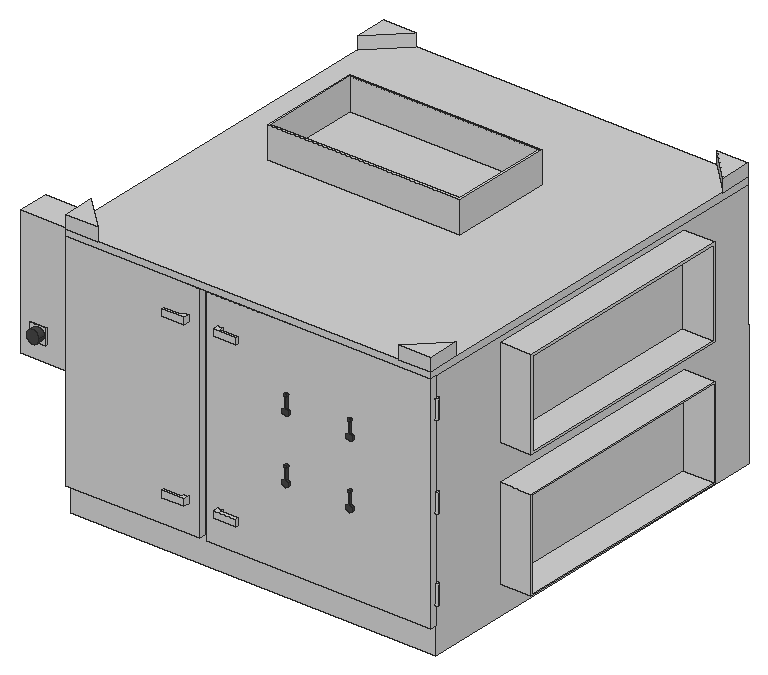
Revit family "HE3XINH_BYPASS_FEB23", category Mechanical Equipment, Revit 2019
Family settings
  Round Connector Dimension = Use Diameter
  Part Type = Normal
  OmniClass Number = 23.75.00.00
  OmniClass Title = Climate Control (HVAC)
  Work Plane-Based = No
  Always vertical = Yes
  Cut with Voids When Loaded = No
  Shared = No
  Room Calculation Point = No
Parameters (values of type "2.0 HP 120V Single Phase")
  Voltage = "120"
  Ventilation Type = "Static Plate, Heat and Humidity Transfer"
  Unit Width = "63-1/4\""
  Unit Weight = "657-934 lbs."
  Unit Length = "72-1/2\""
  Unit Height = "44\""
  Unit = Metal - RenewAire - Anodized - Gray Text
  URL = "www.renewaire.com"
  Typical Airflow Range = "750-3,300 CFM"
  Standard Features = "TEFC Premium efficiency motors, Motor starters, Non-Fused Disconnect, 24VAC Transformer/Relay Package"
  Shipping Weight = "1029 lbs."
  Service Area Visibility = no
  Service Area Box = Interference - RenewAire - Smooth - Light - Gold
  Revit Object Download Link = ""
  Phase = "Single"
  Options = "Integrated programmable controls, Fused disconnect, Double wall construction, Factory supplied and mounted variable frequency drives (VFDs) – one or both airstreams, Class 1 low leakage motorized isolation dampers – OA, RA or both airstreams, Qty. 2 Factory mounted filter alarms, Exterior Paint - white, custom colors, Bypass economizer (see bypass DIM drawing) – dry bulb temperature controls (standard), enthalpy controls (option)"
  Number Motors = "Qty. 2, Belt drive blower/standard motor packages with adjustable sheaves"
  Model = "HE 3XINH-Bypass"
  Minimum Circuit Amps = "45.0 A"
  Maximum Overcurrent Protection = "60 A"
  Max. Shipping Width = "70\""
  Max. Shipping Length = "80\""
  Max. Shipping Height = "50\""
  Manufacturer = "RenewAire LLC"
  Frequency = "60 HZ"
  FLA per Motor = "20.0"
  Description = "Energy Recovery Ventilator"
  Connector Base Material = Glass - With - Transparency
  Accessories = "Filters - MERV 13, 2\" (shipped loose),Roof curb - standard 14\", Curb wind clip, Engineered combo curb for Carrier RTU, Engineered combo curb for Trane RTU, Digital time clock - wall mount(TC7D-W), in exterior enclosure (TC7D-E), Motion occupancy control - ceiling mount(MC-C), wall mount(MC-W), Carbon dioxide control - wall mount (CO2-W), duct mount(CO2-D), Electric duct heater – EK series (1-60 kW), EH series (61-175kW), Indirect gas-fired duct furnace - GH Series (50-400 MBH), installed downstream of any fans"
  AHRI 1060 Certified Core = "Three L125-G5"
Types (13): name | Voltage | Phase | Minimum Circuit Amps | Maximum Overcurrent Protection | FLA per Motor
  (no name) | "120" | "Single" | "45.0 A" | "60 A" | "20.0"
  2.0 HP 120V Single Phase | "120" | "Single" | "45.0 A" | "60 A" | "20.0"
  2.0 HP 208-230V Single Phase | "208-230" | "Single" | "24.3 A" | "35 A" | "10.8-10.0"
  2.0 HP 208-230V Three Phase | "208-230" | "Three" | "14.9 A" | "20 A" | "6.6-5.8"
  2.0 HP 460V Three Phase | "460" | "Three" | "6.5 A" | "15 A" | "2.9"
  2.0 HP 575V Three Phase | "575" | "Three" | "5.4 A" | "15 A" | "2.4"
  3.0 HP 208-230V Single Phase | "208-230" | "Single" | "33.1 A" | "40 A" | "14.7-14"
  3.0 HP 208-230V Three Phase | "208-230" | "Three" | "21.1 A" | "25 A" | "9.4-8.5"
  3.0 HP 460V Three Phase | "460" | "Three" | "9.5 A" | "15 A" | "4.2"
  3.0 HP 575V Three Phase | "575" | "Three" | "7.4 A" | "15 A" | "3.3"
  5.0 HP 208-230V Three Phase | "208-230" | "Three" | "32.6 A" | "45 A" | "14.5-13.4"
  5.0 HP 460V Three Phase | "460" | "Three" | "15.1 A" | "20 A" | "6.7"
  5.0 HP 575V Three Phase | "575" | "Three" | "11.9 A" | "15 A" | "5.3"
Reference planes (in)
  plane 1 "Center (Front/Back)": y = 0
  plane 2: z = 0
  plane 3 "Center (Left/Right)": x = 0
Forms (in)
  Extrusion 1, solid, material "Metal - RenewAire - Anodized - Gray Text" <- "Unit"
    sketch origin (0, 0, 0) x (1, 0, 0) y (0, 0, 1)
      loop
        line (-28.5625, 0) -> (28.5625, 0) -> (28.5625, 39.25) -> (-28.5625, 39.25) -> (-28.5625, 0)
    from 30.125 to -31.125
  Extrusion 2, solid, material "Metal - RenewAire - Anodized - Gray Text"
    sketch origin (0, 0, 0) x (1, 0, 0) y (0, 0, 1)
      loop
        line (-28.5625, 39.25) -> (28.5625, 39.25) -> (28.5625, 40.25) -> (-28.5625, 40.25) -> (-28.5625, 39.25)
    from 31.125 to -31.125
  Extrusion 3, solid, material "Metal - RenewAire - Anodized - Gray Text"
    sketch origin (0, 0, 0) x (1, 0, 0) y (0, 0, 1)
      loop
        line (-6.4375, 39.25) -> (-6.4375, 4.25) -> (28.5625, 4.25) -> (28.5625, 39.25) -> (-6.4375, 39.25)
      loop
        line (-28.5625, 39.25) -> (-28.5625, 4.25) -> (-7.5625, 4.25) -> (-7.5625, 39.25) -> (-28.5625, 39.25)
    from 31.125 to 30.125
  Extrusion 4, solid, material "Metal - RenewAire - Anodized - Gray Text"
    sketch origin (0, 0, 0) x (1, 0, 0) y (0, 1, 0)
      loop
        circle (-28.8125, -30.125) r 0.25
      loop
        circle (28.8125, -30.125) r 0.25
    from 10.25 to 7.25
  Extrusion 5, solid, material "Metal - RenewAire - Anodized - Gray Text"
    sketch origin (0, 0, 0) x (1, 0, 0) y (0, 1, 0)
      loop
        circle (-28.8125, -30.125) r 0.25
      loop
        circle (28.8125, -30.125) r 0.25
    from 36.25 to 33.25
  Extrusion 6, solid, material "Metal - RenewAire - Anodized - Gray Text"
    sketch origin (0, 0, 0) x (1, 0, 0) y (0, 1, 0)
      loop
        circle (-28.8125, -30.125) r 0.25
      loop
        circle (28.8125, -30.125) r 0.25
    from 23.125 to 20.125
  Extrusion 7, solid, material "Metal - RenewAire - Anodized - Gray Text"
    sketch origin (0, 0, 0) x (1, 0, 0) y (0, 1, 0)
      loop
        line (-4.6875, -31.125) -> (-4.6875, -32) -> (-1.1875, -32) -> (-1.1875, -31.625) -> (-3.9375, -31.625) -> (-3.9375, -31.125) -> (-4.6875, -31.125)
      loop
        line (-9.3125, -31.125) -> (-10.0625, -31.125) -> (-10.0625, -31.625) -> (-12.8125, -31.625) -> (-12.8125, -32) -> (-9.3125, -32) -> (-9.3125, -31.125)
    from 9.5 to 8.5
  Extrusion 8, solid, material "Metal - RenewAire - Anodized - Gray Text"
    sketch origin (0, 0, 0) x (1, 0, 0) y (0, 1, 0)
      loop
        line (-4.6875, -31.125) -> (-4.6875, -32) -> (-1.1875, -32) -> (-1.1875, -31.625) -> (-3.9375, -31.625) -> (-3.9375, -31.125) -> (-4.6875, -31.125)
      loop
        line (-9.3125, -31.125) -> (-10.0625, -31.125) -> (-10.0625, -31.625) -> (-12.8125, -31.625) -> (-12.8125, -32) -> (-9.3125, -32) -> (-9.3125, -31.125)
    from 35 to 34
  Extrusion 9, solid, material "Metal - RenewAire - Anodized - Gray Text"
    sketch origin (0, 0, 0) x (1, 0, 0) y (0, 0, 1)
      loop
        line (-28.5625, 37.5) -> (-38.875, 37.5) -> (-38.875, 17.5) -> (-28.5625, 17.5) -> (-28.5625, 37.5)
    from 27.125 to 22.125
  Extrusion 10, solid, material "Metal - RenewAire - Anodized - Gray Text"
    sketch origin (0, 0, 0) x (1, 0, 0) y (0, 0, 1)
      loop
        line (-37.25, 22.5) -> (-37.25, 20) -> (-34.75, 20) -> (-34.75, 22.5) -> (-37.25, 22.5)
    from 27.25 to 27.125
  Extrusion 11, solid, material "MonitorPorts"
    sketch origin (0, 0, 0) x (1, 0, 0) y (0, 0, 1)
      loop
        circle (-36, 21.25) r 1
    from 28.25 to 27.125
  Extrusion 12, solid, material "Metal - RenewAire - Anodized - Gray Text" <- "Unit"
    sketch origin (0, 0, 0) x (0, 1, 0) y (0, 0, 1)
      loop
        line (18.375, 18.90637) -> (-17.625, 18.90637) -> (-17.625, 4.625) -> (18.375, 4.625) -> (18.375, 18.90637)
      loop
        line (18.25, 18.78137) -> (-17.5, 18.78137) -> (-17.5, 4.75) -> (18.25, 4.75) -> (18.25, 18.78137)
    from 33.5625 to 28.5625
  Extrusion 13, solid, material "Metal - RenewAire - Anodized - Gray Text"
    sketch origin (0, 0, 0) x (0, 1, 0) y (0, 0, 1)
      loop
        line (18.375, 38.5) -> (-17.625, 38.5) -> (-17.625, 24.5) -> (18.375, 24.5) -> (18.375, 38.5)
      loop
        line (18.125, 38.25) -> (-17.375, 38.25) -> (-17.375, 24.75) -> (18.125, 24.75) -> (18.125, 38.25)
    from 33.5625 to 28.5625
  Extrusion 14, solid, material "Metal - RenewAire - Anodized - Gray Text"
    sketch origin (0, 3, 0) x (0, 1, 0) y (0, 0, 1)
      loop
        line (-20.625, 4.25) -> (-4.625, 4.25) -> (-4.625, 16.25) -> (-20.625, 16.25) -> (-20.625, 4.25)
      loop
        line (-4.75, 16.125) -> (-20.5, 16.125) -> (-20.5, 4.375) -> (-4.75, 4.375) -> (-4.75, 16.125)
    from -28.5625 to -32.8125
  Extrusion 15, solid, material "Metal - RenewAire - Anodized - Gray Text"
    sketch origin (0, 3, 0) x (0, 1, 0) y (0, 0, 1)
      loop
        line (-4.625, 33.125) -> (-20.625, 33.125) -> (-20.625, 21.125) -> (-4.625, 21.125) -> (-4.625, 33.125)
      loop
        line (-4.75, 33) -> (-20.5, 33) -> (-20.5, 21.25) -> (-4.75, 21.25) -> (-4.75, 33)
    from -28.5625 to -32.8125
  Extrusion 16, solid, material "Interference - RenewAire - Smooth - Light - Gold" <- "Service Area Box", visible <- "Service Area Visibility"
    sketch origin (0, 0, 0) x (1, 0, 0) y (0, 0, 1)
      loop
        line (28.5625, 40.25) -> (-37.0625, 40.25) -> (-37.0625, 0) -> (28.5625, 0) -> (28.5625, 40.25)
    from 64.875 to 31.125
  Extrusion 17, solid, material "Metal - RenewAire - Anodized - Gray Text" <- "Unit"
    sketch origin (0, 0, 0) x (1, 0, 0) y (0, 1, 0)
      loop
        line (-28.5625, 31.125) -> (-28.5625, 26.125) -> (-23.5625, 31.125) -> (-28.5625, 31.125)
      loop
        line (-28.5625, -31.125) -> (-23.5625, -31.125) -> (-28.5625, -26.125) -> (-28.5625, -31.125)
      loop
        line (28.5625, -31.125) -> (28.5625, -26.125) -> (23.5625, -31.125) -> (28.5625, -31.125)
      loop
        line (28.5625, 31.125) -> (23.5625, 31.125) -> (28.5625, 26.125) -> (28.5625, 31.125)
    from 42.25 to 40.25
  Extrusion 18, solid, material "Metal - RenewAire - Anodized - Gray Text"
    sketch origin (0, 0, 0) x (1, 0, 0) y (0, 1, 0)
      loop
        line (-19.9375, 13.75) -> (-19.9375, -2.25) -> (10.0625, -2.25) -> (10.0625, 13.75) -> (-19.9375, 13.75)
      loop
        line (-19.6875, 13.5) -> (-19.6875, -2) -> (9.8125, -2) -> (9.8125, 13.5) -> (-19.6875, 13.5)
    from 45.25 to 40.25
Dimensions and locks (in)
  Extrusion 2 to Extrusion 3 sketch curve to Extrusion 3 sketch curve = 1' - 9", 3' - 0 1/8"
  aligned and locked: level to plane 2
Nested families (in)
  nested 1: "Monitoring Port" at (16.0625, -31.125, 19.472) x (-1, 0, 0) z (0, 0, -1), type "Monitoring Port"
  nested 2: "Monitoring Port" at (6.0625, -31.125, 19.472) x (-1, 0, 0) z (0, 0, -1), type "Monitoring Port"
  nested 3: "Monitoring Port" at (16.0625, -31.125, 29.472) x (-1, 0, 0) z (0, 0, -1), type "Monitoring Port"
  nested 4: "Monitoring Port" at (6.0625, -31.125, 29.472) x (-1, 0, 0) z (0, 0, -1), type "Monitoring Port"
Connectors (in)
  hvac at (28.5625, 0.375, 31.5)
    settings: on Extrusion 13, index 1, duct flow 0 CFM, flow factor 0, pres drop 0.00 in-wg, loss coef 0, conn angle 0.00°, conn width 36", conn height 14", conn diameter 24", duct sys type 4, conn prof type 1, flow config 0, flow direction 1, loss method 0, conn ref index -1, conn util no, is conn primary yes, conn desc "OA (Outside Air)"
  hvac at (28.5625, 0.375, 11.76568)
    settings: on Extrusion 12, index 2, duct flow 0 CFM, flow factor 0, pres drop 0.00 in-wg, loss coef 0, conn angle 0.00°, conn width 36", conn height 14", conn diameter 24", duct sys type 2, conn prof type 1, flow config 0, flow direction 1, loss method 0, conn ref index -1, conn util no, is conn primary no, conn desc "RA (Room Air)"
  hvac at (-28.5625, -9.625, 27.125)
    settings: on Extrusion 15, index 4, duct flow 0 CFM, flow factor 0, pres drop 0.00 in-wg, loss coef 0, conn angle 0.00°, conn width 16", conn height 12", conn diameter 24", duct sys type 3, conn prof type 1, flow config 0, flow direction 2, loss method 0, conn ref index -1, conn util no, is conn primary no, conn desc "EA (Exhaust Air)"
  hvac at (-28.5625, -9.625, 10.25)
    settings: on Extrusion 14, index 5, duct flow 0 CFM, flow factor 0, pres drop 0.00 in-wg, loss coef 0, conn angle 0.00°, conn width 16", conn height 12", conn diameter 24", duct sys type 1, conn prof type 1, flow config 0, flow direction 2, loss method 0, conn ref index -1, conn util no, is conn primary no, conn desc "FA (Fresh Air)"
  hvac at (-4.9375, 5.75, 40.25)
    settings: on Extrusion 18, index 6, duct flow 0 CFM, flow factor 0, pres drop 0.00 in-wg, loss coef 0, conn angle 0.00°, conn width 30", conn height 16", conn diameter 24", duct sys type 2, conn prof type 1, flow config 0, flow direction 1, loss method 0, conn ref index -1, conn util no, is conn primary no, conn desc "BP (Bypass Air)"
Definition of nested family "Monitoring Port"
  Parameters
    URL = "www.renewaire.com"
    Revit Object Download Link = ""
    Model = ""
    Manufacturer = "RenewAire LLC"
    Description = "Monitoring Ports"
  Reference planes (in)
    plane 1 "Center (Front/Back)": y = 0
    plane 2: z = 0
    plane 3 "Center (Left/Right)": x = 0
  Forms (in)
    Extrusion 1, solid
      sketch origin (-9.43348, 0, 37.76669) x (-1, 0, 0) y (0, 0, -1)
        loop
          line (-9.53348, 35.65895) -> (-9.94097, 35.42369) -> (-9.94097, 34.83769) -> (-9.43348, 34.54469) -> (-8.92599, 34.83769) -> (-8.92599, 35.42369) -> (-9.33348, 35.65895) -> (-9.33348, 37.28756)
          arc (-9.33348, 37.28756) -> (-9.43348, 37.76669) -> (-9.53348, 37.28756) r 0.25
          line (-9.53348, 37.28756) -> (-9.53348, 35.65895)
      from 0 to 0.25
  Dimensions and locks (in)
    aligned and locked: level to plane 2
